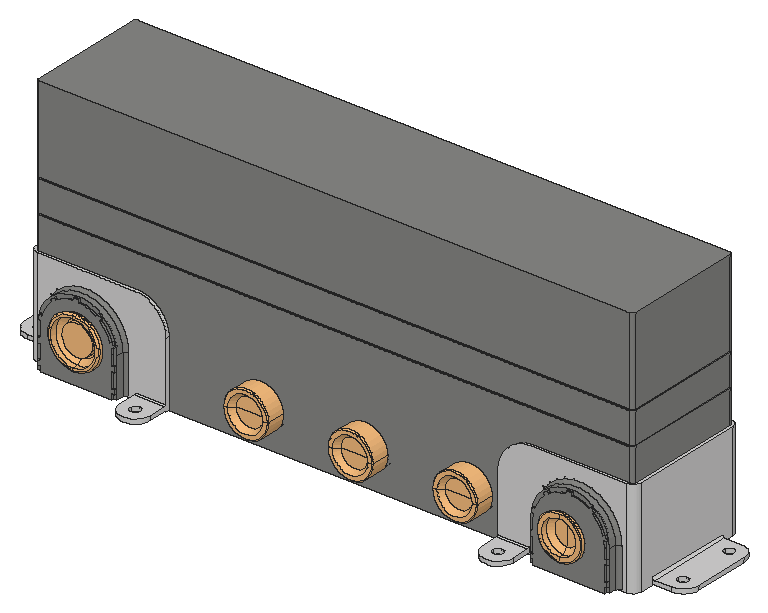
Revit family "Valve-Four_Outlet_Thermostatic-KOHLER-K-26342IN_1", category Plumbing Fixtures, host Face, Revit 2017
Family settings
  Host = Face
  Round Connector Dimension = Use Diameter
  Part Type = Normal
  OmniClass Number = 23.27.31.00
  OmniClass Title = Valves
  Cut with Voids When Loaded = No
  Shared = No
  Room Calculation Point = No
Parameters (values of type "NA-Not Applicable")
  Width = 16 33/64"  # constant formula
  WaterSense Certified = 1 = 0  # no
  Waste Connection = 1 = 0  # no
  Vent Connection = 1 = 0  # no
  Tempered Water Outlet 4 = "Tempered Water Outlet 4"  # constant formula
  Tempered Water Outlet 3 = "Tempered Water Outlet 3"  # constant formula
  Tempered Water Outlet 2 = "Tempered Water Outlet 2"  # constant formula
  Tempered Water Outlet 1 = "Tempered Water Outlet 1"  # constant formula
  URL = "https://www.kohler.co.in/"
  Type = 1
  Product Page URL = ""
  Product Name = ""
  Product Documentation Link = ""
  Pressure = 0.00 psi  # constant formula
  Model = "K-26342IN-NA"  # constant formula
  Material = "Plastic construction"  # constant formula
  Master Format 2014 Name = "Control Valves"  # constant formula
  Master Format 2014 = "23 09 13.33"  # constant formula
  Manufacturer Address = "Ambience Office Tower NH-8 Gurgaon / Gurugram Haryana , 122001"  # constant formula
  Manufacturer = "KOHLER Co."  # constant formula
  Length = 6 13/128"  # constant formula
  Hot Water Inlet = "Hot Water Inlet"  # constant formula
  Height = 4 113/128"  # constant formula
  HW Connection = 1 = 1  # yes
  Flow Rate = 1.75 GPM  # constant formula
  Finish = Kohler-Plastic-58-Thunder_Grey
  Environmental Product Declaration = ""
  Description = "REC PUSH-BUTTON TH VALVE- 4 OUTLET"  # constant formula
  Default Elevation = 42"
  Declare Label = ""
  Date Modified = "02/09/2021"  # constant formula
  Date Created = "02/09/2021"  # constant formula
  Copyright = "Copyright KOHLER Co."  # constant formula
  Contact Us = "https://www.kohler.co.in/contact-us"
  Tempered Water Outlet 4 UP [instance] = yes
  Tempered Water Outlet 4 Down [instance] = not(Tempered Water Outlet 4 UP)  # no
  Tempered Water Outlet 3 UP [instance] = yes
  Tempered Water Outlet 3 Down [instance] = not(Tempered Water Outlet 3 UP)  # no
  Tempered Water Outlet 2 UP [instance] = yes
  Tempered Water Outlet 2 Down [instance] = not(Tempered Water Outlet 2 UP)  # no
  Tempered Water Outlet 1 UP [instance] = yes
  Tempered Water Outlet 1 Down [instance] = not(Tempered Water Outlet 1 UP)  # no
  Cold Water Inlet = "Cold Water Inlet"  # constant formula
  CW Connection = 1 = 1  # yes
  Assembly Code = "D2020"
  ADA Compliant = 1 = 0  # no
Reference planes (in)
  plane 1 "Center (Front/Back)": y = 0
  plane 2: z = 0
  plane 3 "Center (Left/Right)": x = 0
  plane 4: y = 2.44056
  plane 5: y = -2.44225
  plane 6: x = -8.2579
  plane 7: x = 8.25773
  plane 8: y = 2.06786
  plane 9: x = -7.88396
  plane 10: x = 7.88396
  plane 11: y = 0.7088
  plane 12: y = -0.7088
  plane 13: y = -2.06786
  plane 14: x = -4.439
  plane 15: x = 4.439
  plane 16: y = 1.59449
  plane 17: y = -1.59449
  plane 18: x = -7.41144
  plane 19: x = 7.41144
  plane 20: x = -6.0332
  plane 21: x = -1.81655
  plane 22: x = 3.3062
  plane 23: x = 0.7424
  plane 24: y = 1.06299
  plane 25: y = -1.06299
  plane 26: y = 1.51575
  plane 27: y = -1.51575
  plane 28: x = -7.31302
  plane 29: x = 3.67991
  plane 30: x = 7.31302
  plane 31: x = 5.84649
  plane 32: z = -6.10156
  plane 33: z = -5.22155
  plane 34: z = -5.11726
Forms (in)
  Extrusion 1, void
    sketch origin (0, 0, 0) x (1, 0, 0) y (0, 1, 0)
      loop
        line (-7.41144, 1.59449) -> (-7.41144, -1.59449) -> (7.41144, -1.59449) -> (7.41144, 1.59449) -> (-7.41144, 1.59449)
    from -6.10156 to 0.42611
  Extrusion 2, void
    sketch origin (0, 0, 0) x (1, 0, 0) y (0, 1, 0)
      loop
        line (-8.2579, 2.44188) -> (-8.2579, -2.44056) -> (8.2579, -2.44056) -> (8.2579, 2.44188) -> (-8.2579, 2.44188)
    from -3.65797 to -6.10236
Dimensions and locks (in)
  "Width": plane 6 to plane 7
  plane 14 to plane 15 = 8.878"
  plane 9 to plane 10 = 15.76792"
  plane 12 to plane 11 = 1.4176"
  plane 18 to plane 19 = 14.82288"
  plane 16 to plane 17 = 3.18898"
  plane 28 to plane 30 = 14.62603"
  plane 30 to plane 28 = 14.62603"
  plane 34 to plane 32 = 0.98431"
  plane 33 to plane 32 = 0.88001"
  "Length": level to plane 32
  "Height": plane 4 to plane 5
  aligned and locked: plane 2 to host face
  aligned and locked: level to host face
Automatic sketch dimensions
  host sketch curve to host sketch curve = 96"  (x2)
  Extrusion 1 sketch curve to plane 18 = 0"
  plane 17 to Extrusion 1 sketch curve = 0"
  Extrusion 1 sketch curve to plane 16 = 0"
  Extrusion 1 sketch curve to plane 19 = 0"
  Extrusion 2 sketch curve to plane 5 = 0.00169"
  plane 4 to Extrusion 2 sketch curve = 0.00132"
  Extrusion 2 sketch curve to plane 6 = 0"
  plane 7 to Extrusion 2 sketch curve = 0.00017"
Nested families (in)
  nested 1: "K-26342IN" at (0, 0, -6.10236), type "K-26342IN"
Connectors (in)
  piping at (-1.81655, 1.9404, -5.22241), diameter 0.5, driven by "Tempered Water Outlet 1", driven by "Flow Rate", driven by "HW Connection"
    settings: on nested 1, index 1, connector inside diameter 24", connector length 0", flow factor 0, pipe flow 1.75 GPM, pressure drop 0.00 psi, fitting loss kfactor 0, connector angle 0.00°, fixture units 0, engagement length 0", angle of deflection 0.00°, flow configuration 1, flow direction 2, fitting loss method 0, system type 19, joint type 0, gender type 0, connector reference index -1, connector utility 1, adjustable connector no, is connector primary yes, connector description "Tempered Water Outlet 1"
  piping at (0.7424, 1.9404, -5.22241), diameter 0.5, driven by "Flow Rate", driven by "HW Connection", driven by "Tempered Water Outlet 2"
    settings: on nested 1, index 2, connector inside diameter 24", connector length 0", flow factor 0, pipe flow 1.75 GPM, pressure drop 0.00 psi, fitting loss kfactor 0, connector angle 0.00°, fixture units 0, engagement length 0", angle of deflection 0.00°, flow configuration 1, flow direction 2, fitting loss method 0, system type 19, joint type 0, gender type 0, connector reference index -1, connector utility 1, adjustable connector no, is connector primary no, connector description "Tempered Water Outlet 2"
  piping at (3.3062, 1.94039, -5.22241), diameter 0.5, driven by "Flow Rate", driven by "HW Connection", driven by "Tempered Water Outlet 3"
    settings: on nested 1, index 3, connector inside diameter 24", connector length 0", flow factor 0, pipe flow 1.75 GPM, pressure drop 0.00 psi, fitting loss kfactor 0, connector angle 0.00°, fixture units 0, engagement length 0", angle of deflection 0.00°, flow configuration 1, flow direction 2, fitting loss method 0, system type 19, joint type 0, gender type 0, connector reference index -1, connector utility 1, adjustable connector no, is connector primary no, connector description "Tempered Water Outlet 3"
  piping at (5.84649, 1.85039, -5.22241), diameter 0.5, driven by "Flow Rate", driven by "HW Connection", driven by "Tempered Water Outlet 4"
    settings: on nested 1, index 4, connector inside diameter 24", connector length 0", flow factor 0, pipe flow 1.75 GPM, pressure drop 0.00 psi, fitting loss kfactor 0, connector angle 0.00°, fixture units 0, engagement length 0", angle of deflection 0.00°, flow configuration 1, flow direction 2, fitting loss method 0, system type 19, joint type 0, gender type 0, connector reference index -1, connector utility 1, adjustable connector no, is connector primary no, connector description "Tempered Water Outlet 4"
  piping at (-6.0332, -1.85039, -5.11811), diameter 0.75, driven by "Flow Rate", driven by "HW Connection", driven by "Hot Water Inlet"
    settings: on nested 1, index 5, connector inside diameter 24", connector length 0", flow factor 0, pipe flow 1.75 GPM, pressure drop 0.00 psi, fitting loss kfactor 0, connector angle 0.00°, fixture units 0, engagement length 0", angle of deflection 0.00°, flow configuration 1, flow direction 1, fitting loss method 0, system type 19, joint type 0, gender type 0, connector reference index -1, connector utility 1, adjustable connector no, is connector primary no, connector description "Hot Water Inlet"
  piping at (-6.0332, 1.85039, -5.11811), diameter 0.75, driven by "Flow Rate", driven by "CW Connection", driven by "Cold Water Inlet"
    settings: on nested 1, index 6, connector inside diameter 24", connector length 0", flow factor 0, pipe flow 1.75 GPM, pressure drop 0.00 psi, fitting loss kfactor 0, connector angle 0.00°, fixture units 0, engagement length 0", angle of deflection 0.00°, flow configuration 0, flow direction 1, fitting loss method 0, system type 20, joint type 0, gender type 0, connector reference index -1, connector utility 1, adjustable connector no, is connector primary no, connector description "Cold Water Inlet"
Definition of nested family "K-26342IN"
  Parameters (values of type "K-26342IN")
    Material = none
    Connector 4 UP = yes
    Connector 4 Down = not(Connector 4 UP)  # no
    Connector 4 Dis = if(Connector 4 UP, 3 1/32", 0")  # 3 1/32"
    Connector 4 Angle = if(Connector 4 UP, 0.00°, 180.00°)  # 0.00°
    Connector 3 UP = yes
    Connector 3 Down = not(Connector 3 UP)  # no
    Connector 3 Dis = if(Connector 3 UP, 3 1/32", 0")  # 3 1/32"
    Connector 3 Angle = if(Connector 3 UP, 180.00°, 0.00°)  # 180.00°
    Connector 2 UP = yes
    Connector 2 Down = not(Connector 2 UP)  # no
    Connector 2 Dis = if(Connector 2 UP, 3 1/32", 0")  # 3 1/32"
    Connector 2 Angle = if(Connector 2 UP, 0.00°, 180.00°)  # 0.00°
    Connector 1 UP = yes
    Connector 1 Down = not(Connector 1 UP)  # no
    Connector 1 Dis = if(Connector 1 UP, 3 1/32", 0")  # 3 1/32"
    Connector 1 Angle = if(Connector 1 UP, 180.00°, 0.00°)  # 180.00°
  Reference planes (in)
    plane 1 "Center (Front/Back)": y = 0
    plane 2: z = 0
    plane 3 "Center (Left/Right)": x = 0
    plane 4: y = 2.44056
    plane 5: y = 1.51575
    plane 6: y = -2.44056
    plane 7: y = -1.51575
    plane 8: y = 1.59449
    plane 9: y = -1.59449
    plane 10: x = -8.2579
    plane 11: x = -7.41144
    plane 12: x = -7.31302
    plane 13: x = -7.0079
    plane 14: x = -6.96853
    plane 15: x = -5.05851
    plane 16: x = -5.09788
    plane 17: x = -4.81302
    plane 18: x = -4.06498
    plane 19: x = -2.37242
    plane 20: x = -1.26962
    plane 21: x = 0.18692
    plane 22: x = 1.28972
    plane 23: x = 2.74605
    plane 24: x = 3.84885
    plane 25: x = 4.06498
    plane 26: x = 4.81302
    plane 27: x = 5.05851
    plane 28: x = 5.09788
    plane 29: x = 5.30429
    plane 30: x = 6.40685
    plane 31: x = 6.96853
    plane 32: x = 7.0079
    plane 33: x = 8.2579
    plane 34: x = 7.41144
    plane 35: x = 7.31302
    plane 36: z = 6.10236
    plane 37: z = 5.70866
    plane 38: z = 2.38189
    plane 39: z = 0.11829
    plane 40: x = -7.06464
    plane 41: x = -7.21499
    plane 42: x = -4.99619
    plane 43: x = -4.93113
    plane 44: x = 4.96061
    plane 45: x = 7.10628
    plane 46: x = 7.21499
    plane 47: x = -1.81655
    plane 48: x = 5.84649
    plane 49: x = 3.3062
    plane 50: x = 0.7424
    plane 51: x = -6.0332
    plane 52: y = 1.43715
    plane 53: y = 1.39764
    plane 54: y = -1.43715
    plane 55: y = -1.39764
    plane 56: y = -0.04594
    plane 57: y = 1.06299
    plane 58: y = -1.06299
    plane 59: y = 0.7088
    plane 60: y = -0.70874
    plane 61: y = 2.06786
    plane 62: x = -4.439
    plane 63: x = -7.88396
    plane 64: x = 7.88396
    plane 65: y = -2.06786
    plane 66: x = 4.439
    plane 67: z = 0.21715
    plane 68 "B": y = 1.5155
    plane 69 "C": y = 1.5155
    plane 70 "D": y = 1.5155
    plane 71 "E": y = 1.5155
    plane 72: z = 0.87995
    plane 73: z = 0.98425
    plane 74: y = 1.98819
    plane 75: y = -1.98819
  Forms (in)
    Extrusion 1, solid, material <- "Material", detail levels medium+fine
      sketch origin (0, 0, 0) x (1, 0, 0) y (0, 1, 0)
        loop
          line (7.23528, 1.51575) -> (-7.23442, 1.51575)
          arc (-7.23442, 1.51575) -> (-7.29, 1.49273) -> (-7.31302, 1.43715) r 0.0786
          line (-7.31302, 1.43715) -> (-7.31302, -1.43749)
          arc (-7.31302, -1.43749) -> (-7.29009, -1.49283) -> (-7.23476, -1.51575) r 0.07826
          line (-7.23476, -1.51575) -> (7.23455, -1.51575)
          arc (7.23455, -1.51575) -> (7.29, -1.49278) -> (7.31297, -1.43733) r 0.07842
          line (7.31297, -1.43733) -> (7.31297, 1.43806)
          arc (7.31297, 1.43806) -> (7.29022, 1.49299) -> (7.23528, 1.51575) r 0.07769
      from 0 to 6.10236
    Extrusion 2, solid, detail levels medium+fine
      sketch origin (0, 0, 0) x (1, 0, 0) y (0, 1, 0)
        loop
          line (-3.3914, 1.59449) -> (-7.21405, 1.59449)
          arc (-7.21405, 1.59449) -> (-7.35363, 1.53667) -> (-7.41144, 1.3971) r 0.19739
          line (-7.41144, 1.3971) -> (-7.41144, -1.39804)
          arc (-7.41144, -1.39804) -> (-7.3539, -1.53695) -> (-7.21499, -1.59449) r 0.19645
          line (-7.21499, -1.59449) -> (-3.3914, -1.59449) -> (-3.3914, 1.59449)
        loop
          line (3.827, 1.59449) -> (3.827, -1.59449) -> (7.21499, -1.59449)
          arc (7.21499, -1.59449) -> (7.3539, -1.53695) -> (7.41144, -1.39804) r 0.19645
          line (7.41144, -1.39804) -> (7.41144, 1.3971)
          arc (7.41144, 1.3971) -> (7.35363, 1.53667) -> (7.21405, 1.59449) r 0.19739
          line (7.21405, 1.59449) -> (3.827, 1.59449)
      from 0 to 3.16929
    Extrusion 3, void
      sketch origin (0, 0, 0) x (1, 0, 0) y (0, 0, 1)
        loop
          arc (-4.8502, 2.38189) -> (-4.29497, 2.15191) -> (-4.06498, 1.59667) r 0.78522
          line (-4.06498, 1.59667) -> (-4.06498, -0.30561) -> (-3.06498, -0.30561) -> (-3.06498, 3.38189) -> (-7.81498, 3.38189) -> (-7.81498, 2.38189) -> (-4.8502, 2.38189)
        loop
          line (7.8518, 2.38189) -> (7.8518, 3.38189) -> (3.2893, 3.38189) -> (3.2893, -0.71748) -> (4.06494, -0.71748) -> (4.06494, 1.59502)
          arc (4.06494, 1.59502) -> (4.29541, 2.15142) -> (4.8518, 2.38189) r 0.78687
          line (4.8518, 2.38189) -> (7.8518, 2.38189)
      from -2.82494 to 2.86769
    Extrusion 4, solid, detail levels medium+fine
      sketch origin (0, 0, -0.00391) x (1, 0, 0) y (0, 1, 0)
        loop
          line (-7.41144, 1.06299) -> (-7.8832, 1.06299)
          arc (-7.8832, 1.06299) -> (-8.14815, 0.95325) -> (-8.2579, 0.68829) r 0.3747
          line (-8.2579, 0.68829) -> (-8.2579, -0.68823)
          arc (-8.2579, -0.68823) -> (-8.14813, -0.95323) -> (-7.88314, -1.06299) r 0.37476
          line (-7.88314, -1.06299) -> (-7.41144, -1.06299) -> (-7.41144, 1.06299)
        loop
          arc (-4.81302, -2.06655) -> (-4.439, -2.44056) -> (-4.06498, -2.06655) r 0.37402
          line (-4.06498, -2.06655) -> (-4.06498, -1.59449) -> (-4.81302, -1.59449) -> (-4.81302, -2.06655)
        loop
          line (-4.06498, 1.59449) -> (-4.06498, 2.06786)
          arc (-4.06498, 2.06786) -> (-4.439, 2.44188) -> (-4.81302, 2.06786) r 0.37402
          line (-4.81302, 2.06786) -> (-4.81302, 1.59449) -> (-4.06498, 1.59449)
        loop
          circle (-7.88396, 0.7088) r 0.12529
        loop
          circle (-7.88396, -0.7088) r 0.12529
        loop
          circle (-4.439, 2.06786) r 0.12354
        loop
          circle (-4.439, -2.06655) r 0.12509
        loop
          line (7.41144, 1.06299) -> (7.41144, -1.06299) -> (7.88314, -1.06299)
          arc (7.88314, -1.06299) -> (8.14813, -0.95323) -> (8.2579, -0.68823) r 0.37476
          line (8.2579, -0.68823) -> (8.2579, 0.68829)
          arc (8.2579, 0.68829) -> (8.14815, 0.95325) -> (7.8832, 1.06299) r 0.3747
          line (7.8832, 1.06299) -> (7.41144, 1.06299)
        loop
          line (4.81302, -2.06655) -> (4.81302, -1.59449) -> (4.06498, -1.59449) -> (4.06498, -2.06655)
          arc (4.06498, -2.06655) -> (4.439, -2.44056) -> (4.81302, -2.06655) r 0.37402
        loop
          line (4.06498, 1.59449) -> (4.81302, 1.59449) -> (4.81302, 2.06786)
          arc (4.81302, 2.06786) -> (4.439, 2.44188) -> (4.06498, 2.06786) r 0.37402
          line (4.06498, 2.06786) -> (4.06498, 1.59449)
        loop
          circle (7.88396, 0.7088) r 0.12529
        loop
          circle (7.88396, -0.7088) r 0.12529
        loop
          circle (4.439, 2.06786) r 0.12354
        loop
          circle (4.439, -2.06655) r 0.12509
      from 0.02344 to 0.12219
    Sweep 5, solid, material <- "Material", detail levels medium+fine
      path origin (0, 0, 0) x (1, 0, 0) y (0, 0, 1)
        loop
          line (-5.05908, 0.01969) -> (-5.05908, 0.98445)
          arc (-5.05908, 0.98445) -> (-6.03349, 1.95886) -> (-7.0079, 0.98445) r 0.97441
          line (-7.0079, 0.98445) -> (-7.0079, 0.01969)
      profile origin (-7.0079, 0, 0.50207) x (0, -1, 0) y (1, 0, 0)
        loop
          line (1.85039, 0) -> (1.85039, 0.31023) -> (1.58863, 0.31023) -> (1.58863, -0.07652)
          arc (1.58863, -0.07652) -> (1.62824, -0.02118) -> (1.69291, 0) r 0.10932
          line (1.69291, 0) -> (1.85039, 0)
        loop
          line (-1.85039, 0) -> (-1.69291, 0)
          arc (-1.69291, 0) -> (-1.62824, -0.02118) -> (-1.58863, -0.07652) r 0.10932
          line (-1.58863, -0.07652) -> (-1.58863, 0.31023) -> (-1.85039, 0.31023) -> (-1.85039, 0)
    Sweep 6, solid, material <- "Material", detail levels medium+fine
      path origin (0, 0, 0) x (-1, 0, 0) y (0, 0, 1)
        loop
          line (-5.05908, 0.01969) -> (-5.05908, 0.98445)
          arc (-5.05908, 0.98445) -> (-6.03349, 1.95886) -> (-7.0079, 0.98445) r 0.97441
          line (-7.0079, 0.98445) -> (-7.0079, 0.01969)
      profile origin (7.0079, 0, 0.50207) x (0, -1, 0) y (1, 0, 0)
        loop
          line (1.85039, 0) -> (1.69291, 0)
          arc (1.69291, 0) -> (1.62042, 0.02929) -> (1.58863, 0.10072) r 0.10435
          line (1.58863, 0.10072) -> (1.58863, -0.31023) -> (1.85039, -0.31023) -> (1.85039, 0)
        loop
          line (-1.85039, 0) -> (-1.85039, -0.31023) -> (-1.58863, -0.31023) -> (-1.58863, 0.10072)
          arc (-1.58863, 0.10072) -> (-1.62042, 0.02929) -> (-1.69291, 0) r 0.10435
          line (-1.69291, 0) -> (-1.85039, 0)
    Extrusion 7, solid, material <- "Material", detail levels medium+fine
      sketch origin (0, 0, 0) x (1, 0, 0) y (0, 0, 1)
        loop
          line (-6.90947, 0.1378) -> (-6.90947, 0) -> (-5.1575, 0) -> (-5.1575, 0.1378) -> (-5.09845, 0.1378) -> (-5.09845, 0.25591) -> (-5.1575, 0.25591) -> (-5.1575, 0.62992) -> (-5.09845, 0.62992) -> (-5.09845, 0.74803) -> (-5.1575, 0.74803) -> (-5.1575, 0.98425)
          arc (-5.1575, 0.98425) -> (-5.16093, 1.06162) -> (-5.17117, 1.13839) r 0.87598
          line (-5.17117, 1.13839) -> (-5.1138, 1.15269)
          arc (-5.1138, 1.15269) -> (-5.12627, 1.21045) -> (-5.14235, 1.2673) r 0.93495
          line (-5.14235, 1.2673) -> (-5.19974, 1.25299)
          arc (-5.19974, 1.25299) -> (-5.29883, 1.46135) -> (-5.44887, 1.63661) r 0.87598
          line (-5.44887, 1.63661) -> (-5.4124, 1.68329)
          arc (-5.4124, 1.68329) -> (-5.45778, 1.72112) -> (-5.50546, 1.75602) r 0.93495
          line (-5.50546, 1.75602) -> (-5.54194, 1.70932)
          arc (-5.54194, 1.70932) -> (-5.7483, 1.81251) -> (-5.97443, 1.85824) r 0.87598
          line (-5.97443, 1.85824) -> (-5.97443, 1.91753)
          arc (-5.97443, 1.91753) -> (-6.03349, 1.9194) -> (-6.09254, 1.91753) r 0.93495
          line (-6.09254, 1.91753) -> (-6.09254, 1.85824)
          arc (-6.09254, 1.85824) -> (-6.31868, 1.81251) -> (-6.52503, 1.70932) r 0.87598
          line (-6.52503, 1.70932) -> (-6.56151, 1.75602)
          arc (-6.56151, 1.75602) -> (-6.60919, 1.72112) -> (-6.65458, 1.68329) r 0.93495
          line (-6.65458, 1.68329) -> (-6.61811, 1.63661)
          arc (-6.61811, 1.63661) -> (-6.76815, 1.46135) -> (-6.86723, 1.25299) r 0.87598
          line (-6.86723, 1.25299) -> (-6.92462, 1.2673)
          arc (-6.92462, 1.2673) -> (-6.94071, 1.21045) -> (-6.95317, 1.15269) r 0.93495
          line (-6.95317, 1.15269) -> (-6.8958, 1.13839)
          arc (-6.8958, 1.13839) -> (-6.90605, 1.06162) -> (-6.90947, 0.98425) r 0.87598
          line (-6.90947, 0.98425) -> (-6.90947, 0.74803) -> (-6.96853, 0.74803) -> (-6.96853, 0.62992) -> (-6.90947, 0.62992) -> (-6.90947, 0.25591) -> (-6.96853, 0.25591) -> (-6.96853, 0.1378) -> (-6.90947, 0.1378)
        loop
          line (6.90926, 0.1378) -> (6.96832, 0.1378) -> (6.96832, 0.25591) -> (6.90926, 0.25591) -> (6.90926, 0.62992) -> (6.96832, 0.62992) -> (6.96832, 0.74803) -> (6.90926, 0.74803) -> (6.90926, 0.98425)
          arc (6.90926, 0.98425) -> (6.90584, 1.06162) -> (6.8956, 1.13839) r 0.87598
          line (6.8956, 1.13839) -> (6.95296, 1.15269)
          arc (6.95296, 1.15269) -> (6.9405, 1.21045) -> (6.92441, 1.2673) r 0.93495
          line (6.92441, 1.2673) -> (6.86702, 1.25299)
          arc (6.86702, 1.25299) -> (6.76794, 1.46135) -> (6.6179, 1.63661) r 0.87598
          line (6.6179, 1.63661) -> (6.65437, 1.68329)
          arc (6.65437, 1.68329) -> (6.60899, 1.72112) -> (6.5613, 1.75602) r 0.93495
          line (6.5613, 1.75602) -> (6.52483, 1.70932)
          arc (6.52483, 1.70932) -> (6.31847, 1.81251) -> (6.09233, 1.85824) r 0.87598
          line (6.09233, 1.85824) -> (6.09233, 1.91753)
          arc (6.09233, 1.91753) -> (6.03328, 1.9194) -> (5.97422, 1.91753) r 0.93495
          line (5.97422, 1.91753) -> (5.97422, 1.85824)
          arc (5.97422, 1.85824) -> (5.74809, 1.81251) -> (5.54173, 1.70932) r 0.87598
          line (5.54173, 1.70932) -> (5.50525, 1.75602)
          arc (5.50525, 1.75602) -> (5.45757, 1.72112) -> (5.41219, 1.68329) r 0.93495
          line (5.41219, 1.68329) -> (5.44866, 1.63661)
          arc (5.44866, 1.63661) -> (5.29862, 1.46135) -> (5.19954, 1.25299) r 0.87598
          line (5.19954, 1.25299) -> (5.14214, 1.2673)
          arc (5.14214, 1.2673) -> (5.12606, 1.21045) -> (5.11359, 1.15269) r 0.93495
          line (5.11359, 1.15269) -> (5.17096, 1.13839)
          arc (5.17096, 1.13839) -> (5.16072, 1.06162) -> (5.15729, 0.98425) r 0.87598
          line (5.15729, 0.98425) -> (5.15729, 0.74803) -> (5.09824, 0.74803) -> (5.09824, 0.62992) -> (5.15729, 0.62992) -> (5.15729, 0.25591) -> (5.09824, 0.25591) -> (5.09824, 0.1378) -> (5.15729, 0.1378) -> (5.15729, 0) -> (6.90926, 0) -> (6.90926, 0.1378)
      from -1.92913 to 1.8897
    Revolve 8, solid, detail levels medium+fine
      sketch origin (-6.0332, 0, 0) x (0, 1, 0) y (0, 0, 1)
        loop
          line (-1.98819, 1.58465) -> (-1.98819, 1.52773) -> (-1.85039, 1.52773) -> (-1.72942, 1.40675) -> (-1.72942, 0.98425) -> (1.72942, 0.98425) -> (1.72942, 1.40675) -> (1.85039, 1.52773) -> (1.98819, 1.52773) -> (1.98819, 1.58465) -> (1.94895, 1.62388) -> (-1.94895, 1.62388) -> (-1.98819, 1.58465)
        axis (1.98819, 0.98425) -> (-1.98819, 0.98425)
      angle from 0 to 360
    Revolve 9, solid, detail levels medium+fine
      sketch origin (5.85547, 0, 0) x (0, 1, 0) y (0, 0, 1)
        loop
          line (-1.9685, 1.30575) -> (-1.84716, 1.30575) -> (-1.72942, 1.188) -> (-1.72942, 0.88583) -> (1.72942, 0.88583) -> (1.72942, 1.188) -> (1.84716, 1.30575) -> (1.9685, 1.30575) -> (1.9685, 1.4127) -> (1.94882, 1.43701) -> (-1.94882, 1.43701) -> (-1.9685, 1.4127) -> (-1.9685, 1.30575)
        axis (-1.9685, 0.88583) -> (1.9685, 0.88583)
      angle from 0 to 360
    Revolve 10, solid, detail levels medium+fine
      sketch origin (0, 0, 0.88574) x (1, 0, 0) y (0, 1, 0)
        loop
          line (2.86415, -1.9685) -> (2.95569, -1.83778) -> (3.29722, -1.83778) -> (3.29722, 1.83778) -> (2.95569, 1.83778) -> (2.86415, 1.9685) -> (2.76572, 1.9685) -> (2.74604, 1.94039) -> (2.74604, -1.94039) -> (2.76572, -1.9685) -> (2.86415, -1.9685)
        axis (3.29722, -1.9685) -> (3.29722, 1.9685)
      angle from 0 to 360
    Revolve 11, solid, detail levels medium+fine
      sketch origin (4.03612, 0, 0.88574) x (-1, 0, 0) y (0, -1, 0)
        loop
          line (3.73029, 1.9685) -> (3.63876, 1.83777) -> (3.29722, 1.83777) -> (3.29722, -1.83778) -> (3.63876, -1.83778) -> (3.73029, -1.96851) -> (3.82872, -1.96851) -> (3.8484, -1.9404) -> (3.8484, 1.94039) -> (3.82872, 1.9685) -> (3.73029, 1.9685)
        axis (3.29722, 1.9685) -> (3.29722, -1.96851)
      angle from 0 to 360
    Revolve 12, solid, detail levels medium+fine
      sketch origin (-5.11824, 0, 0.88574) x (1, 0, 0) y (0, 1, 0)
        loop
          line (2.86415, -1.9685) -> (2.95569, -1.83778) -> (3.29722, -1.83778) -> (3.29722, 1.83778) -> (2.95569, 1.83778) -> (2.86415, 1.9685) -> (2.76572, 1.9685) -> (2.74604, 1.94039) -> (2.74604, -1.94039) -> (2.76572, -1.9685) -> (2.86415, -1.9685)
        axis (3.29722, -1.9685) -> (3.29722, 1.9685)
      angle from 0 to 360
    Sweep 13, void
      path origin (0, 0, 0) x (1, 0, 0) y (0, 1, 0)
        loop
          line (-7.31302, 1.43715) -> (-7.31302, -1.43749)
          arc (-7.31302, -1.43749) -> (-7.29009, -1.49283) -> (-7.23476, -1.51575) r 0.07826
          line (-7.23476, -1.51575) -> (7.23455, -1.51575)
          arc (7.23455, -1.51575) -> (7.29, -1.49278) -> (7.31297, -1.43733) r 0.07842
          line (7.31297, -1.43733) -> (7.31297, 1.43806)
          arc (7.31297, 1.43806) -> (7.29022, 1.49299) -> (7.23528, 1.51575) r 0.07769
          line (7.23528, 1.51575) -> (-7.23442, 1.51575)
          arc (-7.23442, 1.51575) -> (-7.29, 1.49273) -> (-7.31302, 1.43715) r 0.0786
      profile origin (-7.31302, -0.00017, 0) x (1, 0, 0) y (0, 0, 1)
        loop
          line (0.01969, 3.20866) -> (-0.03333, 3.20866) -> (-0.03333, 3.16929) -> (0.01969, 3.16929) -> (0.01969, 3.20866)
        loop
          line (0.01969, 3.99606) -> (-0.03033, 3.99606) -> (-0.03033, 3.95669) -> (0.01969, 3.95669) -> (0.01969, 3.99606)
    Extrusion 14, void
      sketch origin (0, 0, 0) x (1, 0, 0) y (0, 0, 1)
        loop
          circle (-6.0332, 0.98425) r 0.60039
      from 1.43701 to 2.06237
    Extrusion 15, void
      sketch origin (0, 0, 0) x (1, 0, 0) y (0, 0, 1)
        loop
          circle (5.85547, 0.88583) r 0.44719
      from 1.06299 to 2.19501
    Extrusion 16, void
      sketch origin (0, 0, 0) x (1, 0, 0) y (0, 0, -1)
        loop
          circle (-6.0332, -0.98425) r 0.60039
      from 1.43701 to 2.06237
    Extrusion 17, void
      sketch origin (0, 0, 0) x (1, 0, 0) y (0, 0, -1)
        loop
          circle (5.85547, -0.88583) r 0.5
      from 1.06299 to 2.19501
    Extrusion 18, solid, detail levels medium+fine
      sketch origin (0, 0, 0) x (1, 0, 0) y (0, 0, 1)
        loop
          line (-7.50289, 0.11079) -> (-7.40402, 0.11079) -> (-7.40402, 0.20277)
          arc (-7.40402, 0.20277) -> (-7.43537, 0.13734) -> (-7.50289, 0.11079) r 0.09913
      from -1.06299 to 1.06299
    Extrusion 19, solid, detail levels medium+fine
      sketch origin (0, 0, 0) x (-1, 0, 0) y (0, 0, -1)
        loop
          arc (-7.50289, -0.11079) -> (-7.43537, -0.13734) -> (-7.40402, -0.20277) r 0.09913
          line (-7.40402, -0.20277) -> (-7.40402, -0.11079) -> (-7.50289, -0.11079)
      from -1.06299 to 1.06299
    Extrusion 20, solid, detail levels medium+fine
      sketch origin (0, -0.10547, -0.00391) x (0, 1, 0) y (0, 0, 1)
        loop
          arc (1.75993, 0.11488) -> (1.70932, 0.14101) -> (1.68901, 0.19422) r 0.07984
          line (1.68901, 0.19422) -> (1.68901, 0.11488) -> (1.75993, 0.11488)
      from 4.06494 to 4.81302
    Extrusion 21, solid, detail levels medium+fine
      sketch origin (0, -0.10547, -0.00391) x (0, 1, 0) y (0, 0, -1)
        loop
          line (1.75993, -0.11488) -> (1.68901, -0.11488) -> (1.68901, -0.19422)
          arc (1.68901, -0.19422) -> (1.70932, -0.14101) -> (1.75993, -0.11488) r 0.07984
      from 4.06494 to 4.81302
    Extrusion 22, solid, detail levels medium+fine
      sketch origin (0, 0.10547, -0.00391) x (0, -1, 0) y (0, 0, -1)
        loop
          line (1.75993, -0.11488) -> (1.68901, -0.11488) -> (1.68901, -0.19422)
          arc (1.68901, -0.19422) -> (1.70932, -0.14101) -> (1.75993, -0.11488) r 0.07984
      from 4.06494 to 4.81302
    Extrusion 23, solid, detail levels medium+fine
      sketch origin (0, 0.10547, -0.00391) x (0, -1, 0) y (0, 0, 1)
        loop
          arc (1.75993, 0.11488) -> (1.70932, 0.14101) -> (1.68901, 0.19422) r 0.07984
          line (1.68901, 0.19422) -> (1.68901, 0.11488) -> (1.75993, 0.11488)
      from 4.06494 to 4.81302
    Extrusion 24, solid, detail levels medium+fine
      sketch origin (0, 0, 0) x (1, 0, 0) y (0, 0, 1)
        loop
          circle (-6.0332, 0.98425) r 0.375
      from -1.85039 to 1.85039
    Extrusion 25, solid, material <- "Material", detail levels coarse
      sketch origin (0, 0, 0) x (1, 0, 0) y (0, 0, 1)
        loop
          line (7.34422, 6.22736) -> (-7.37552, 6.22736) -> (-7.37552, 0) -> (7.34422, 0) -> (7.34422, 6.22736)
      from -1.53543 to 1.53543
    Extrusion 26, solid, detail levels coarse
      sketch origin (0, 0, 0) x (1, 0, 0) y (0, 0, 1)
        loop
          line (-7.53644, 2.44439) -> (-7.53644, 0) -> (-4.06498, 0) -> (-4.06498, 2.44439) -> (-7.53644, 2.44439)
      from -1.59449 to 1.59449
    Extrusion 27, solid, detail levels coarse
      sketch origin (0, 0, 0) x (-1, 0, 0) y (0, 0, -1)
        loop
          line (-7.53644, -2.44439) -> (-4.06498, -2.44439) -> (-4.06498, 0) -> (-7.53644, 0) -> (-7.53644, -2.44439)
      from -1.59449 to 1.59449
    Extrusion 28, solid, detail levels coarse
      sketch origin (0, 0, 0) x (1, 0, 0) y (0, 0, 1)
        loop
          line (-7.08442, 0) -> (-4.98256, 0) -> (-4.98256, 0.98862)
          arc (-4.98256, 0.98862) -> (-6.03349, 2.03955) -> (-7.08442, 0.98862) r 1.05093
          line (-7.08442, 0.98862) -> (-7.08442, 0)
      from -1.92913 to 1.8897
    Extrusion 29, solid, detail levels coarse
      sketch origin (0, 0, 0) x (-1, 0, 0) y (0, 0, -1)
        loop
          line (-7.08442, 0) -> (-7.08442, -0.98862)
          arc (-7.08442, -0.98862) -> (-6.03349, -2.03955) -> (-4.98256, -0.98862) r 1.05093
          line (-4.98256, -0.98862) -> (-4.98256, 0) -> (-7.08442, 0)
      from -1.92913 to 1.8897
    Extrusion 30, solid, detail levels coarse
      sketch origin (0, 0, 0) x (1, 0, 0) y (0, 0, 1)
        loop
          circle (-6.0332, 0.98425) r 0.69038
      from -1.98819 to 1.98819
    Extrusion 31, solid, detail levels coarse
      sketch origin (12.69224, 0, -0.09375) x (1, 0, 0) y (0, 0, 1)
        loop
          circle (-14.51192, 0.97949) r 0.58377
        loop
          circle (-11.952, 0.97949) r 0.58377
        loop
          circle (-9.39368, 0.97949) r 0.58377
      from -1.98819 to 1.98819
    Extrusion 32, solid, detail levels coarse
      sketch origin (11.89365, 0, -0.09375) x (1, 0, 0) y (0, 0, 1)
        loop
          circle (-6.03818, 0.97958) r 0.56629
      from -1.98819 to 1.98819
    Extrusion 33, solid, detail levels coarse
      sketch origin (0, 0, 0) x (1, 0, 0) y (0, 1, 0)
        loop
          line (-8.2579, -1.06299) -> (-7.41144, -1.06299) -> (-7.41144, -1.59449) -> (-4.81302, -1.59449) -> (-4.81302, -2.06655)
          arc (-4.81302, -2.06655) -> (-4.439, -2.44056) -> (-4.06498, -2.06655) r 0.37402
          line (-4.06498, -2.06655) -> (-4.06498, 2.06786)
          arc (-4.06498, 2.06786) -> (-4.439, 2.44188) -> (-4.81302, 2.06786) r 0.37402
          line (-4.81302, 2.06786) -> (-4.81302, 1.59449) -> (-7.41144, 1.59449) -> (-7.41144, 1.06299) -> (-8.2579, 1.06299) -> (-8.2579, -1.06299)
        loop
          line (8.2579, -1.06299) -> (8.2579, 1.06299) -> (7.41144, 1.06299) -> (7.41144, 1.59449) -> (4.81302, 1.59449) -> (4.81302, 2.06786)
          arc (4.81302, 2.06786) -> (4.439, 2.44188) -> (4.06498, 2.06786) r 0.37402
          line (4.06498, 2.06786) -> (4.06498, -2.06655)
          arc (4.06498, -2.06655) -> (4.439, -2.44056) -> (4.81302, -2.06655) r 0.37402
          line (4.81302, -2.06655) -> (4.81302, -1.59449) -> (7.41144, -1.59449) -> (7.41144, -1.06299) -> (8.2579, -1.06299)
        loop
          circle (-4.439, -2.06655) r 0.12509
        loop
          circle (-7.88396, -0.7088) r 0.12529
        loop
          circle (-7.88396, 0.7088) r 0.12529
        loop
          circle (-4.439, 2.06786) r 0.12354
        loop
          circle (4.439, 2.06786) r 0.12354
        loop
          circle (4.439, -2.06655) r 0.12509
        loop
          circle (7.88396, -0.7088) r 0.12529
        loop
          circle (7.88396, 0.7088) r 0.12529
      from 0 to 0.23414
    Revolve 34, solid, detail levels medium+fine
      sketch origin (5.84649, 1.5155, 0.87995) x (0, 1, 0) y (-1, 0, 0)
        loop
          line (0.00004, 0) -> (0.00004, -0.25) -> (0.33489, -0.25) -> (0.33489, 0) -> (0.00004, 0)
        axis (0.00004, 0) -> (0.33489, 0)
      angle from 0 to 360
    Revolve 35, solid, detail levels medium+fine
      sketch origin (3.3062, 1.5155, 0.87995) x (0, 1, 0) y (-1, 0, 0)
        loop
          line (0.00113, 0) -> (0.00113, -0.25) -> (0.42489, -0.25) -> (0.42489, 0) -> (0.00113, 0)
        axis (0.00113, 0) -> (0.42489, 0)
      angle from 0 to 360
    Revolve 36, solid, detail levels medium+fine
      sketch origin (0.7424, 1.5155, 0.87995) x (0, 1, 0) y (-1, 0, 0)
        loop
          line (0.0011, 0) -> (0.0011, -0.25) -> (0.4249, -0.25) -> (0.4249, 0) -> (0.0011, 0)
        axis (0.0011, 0) -> (0.4249, 0)
      angle from 0 to 360
    Revolve 37, solid, detail levels medium+fine
      sketch origin (-1.81655, 1.5155, 0.87995) x (0, 1, 0) y (-1, 0, 0)
        loop
          line (0.00116, 0) -> (0.00116, -0.25) -> (0.4249, -0.25) -> (0.4249, 0) -> (0.00116, 0)
        axis (0.00116, 0) -> (0.4249, 0)
      angle from 0 to 360
  Cuts and joins
    Sweep 13, Extrusion 16, Extrusion 17 cuts Extrusion 1
    Extrusion 16, Extrusion 17 cuts Sweep 5
    Extrusion 16, Extrusion 17 cuts Sweep 6
    Extrusion 14, Extrusion 15, Extrusion 16, Extrusion 17 cuts Extrusion 7
    joined: Extrusion 1, Sweep 5, Sweep 6, Extrusion 7
    Extrusion 3, Extrusion 16, Extrusion 17 cuts Extrusion 2
    joined: Extrusion 2, Extrusion 4, Extrusion 18, Extrusion 19, Extrusion 20, Extrusion 21, Extrusion 22, Extrusion 23
    joined: Revolve 8, Revolve 9, Revolve 10, Revolve 11, Revolve 12, Extrusion 24
    joined: Extrusion 26, Extrusion 27, Extrusion 28, Extrusion 29, Extrusion 33
    joined: Extrusion 30, Extrusion 31, Extrusion 32
  Lines and regions (in)
    Masking region 1
      outline origin (0, 0, 0) x (1, 0, 0) y (0, 1, 0)
        loop
          line (-7.41144, 1.39804) -> (-7.41144, -1.39804)
          arc (-7.41144, -1.39804) -> (-7.3539, -1.53695) -> (-7.21499, -1.59449) r 0.19645
          line (-7.21499, -1.59449) -> (7.21499, -1.59449)
          arc (7.21499, -1.59449) -> (7.3539, -1.53695) -> (7.41144, -1.39804) r 0.19645
          line (7.41144, -1.39804) -> (7.41144, 1.39804)
          arc (7.41144, 1.39804) -> (7.3539, 1.53695) -> (7.21499, 1.59449) r 0.19645
          line (7.21499, 1.59449) -> (-7.21499, 1.59449)
          arc (-7.21499, 1.59449) -> (-7.3539, 1.53695) -> (-7.41144, 1.39804) r 0.19645
    Masking region 2, detail levels medium+fine
      outline origin (0, 0, 0) x (1, 0, 0) y (0, 0, 1)
        loop
          line (7.31288, 6.10236) -> (-7.31302, 6.10236) -> (-7.31302, 2.38189) -> (-7.41144, 2.38189) -> (-7.41144, 0.21465)
          arc (-7.41144, 0.21465) -> (-7.43972, 0.14638) -> (-7.50798, 0.11811) r 0.09654
          line (-7.50798, 0.11811) -> (-8.2579, 0.11811) -> (-8.2579, 0) -> (8.2579, 0) -> (8.2579, 0.11826) -> (7.50928, 0.11826)
          arc (7.50928, 0.11826) -> (7.4401, 0.14692) -> (7.41144, 0.21611) r 0.09784
          line (7.41144, 0.21611) -> (7.41144, 2.38189) -> (7.31288, 2.38189) -> (7.31288, 6.10236)
    Masking region 3
      outline origin (0, 0, 0) x (0, 1, 0) y (0, 0, 1)
        loop
          line (1.51575, 6.10236) -> (-1.51575, 6.10236) -> (-1.51575, 2.38189) -> (-1.59449, 2.38189) -> (-1.59449, 2.05669)
          arc (-1.59449, 2.05669) -> (-1.62314, 1.98751) -> (-1.69233, 1.95886) r 0.09784
          line (-1.69233, 1.95886) -> (-1.85039, 1.95886) -> (-1.85039, 1.9194) -> (-1.8897, 1.9194) -> (-1.8897, 1.62388) -> (-1.94895, 1.62388) -> (-1.98819, 1.58465) -> (-1.98819, 0.37402) -> (-1.94882, 0.33465) -> (-1.8897, 0.33465) -> (-1.8897, 0.11826) -> (-2.44056, 0.11826) -> (-2.44056, 0) -> (-0.00047, 0) -> (2.44191, 0) -> (2.44191, 0.11826) -> (1.92913, 0.11826) -> (1.92913, 0.31495) -> (1.98819, 0.37402) -> (1.98819, 1.58465) -> (1.92876, 1.64407) -> (1.92876, 1.9194) -> (1.85039, 1.9194) -> (1.85039, 1.95886) -> (1.69233, 1.95886)
          arc (1.69233, 1.95886) -> (1.62314, 1.98751) -> (1.59449, 2.05669) r 0.09784
          line (1.59449, 2.05669) -> (1.59449, 2.38189) -> (1.51575, 2.38189) -> (1.51575, 6.10236)
    symbolic lines, detail levels medium+fine
      curve 1: line (-7.41144, 1.06299, 0) -> (-7.41144, -1.06299, 0)
      curve 2: line (-7.31302, -1.43715, 0) -> (-7.31302, 1.43715, 0)
      curve 3: arc (-7.23442, 1.51575, 0) -> (-7.29, 1.49273, 0) -> (-7.31302, 1.43715, 0) r 0.0786
      curve 4: line (-7.10632, 1.59449, 0) -> (-4.99677, 1.59449, 0)
      curve 5: line (-0.00119, 1.51575, 0) -> (-7.23442, 1.51575, 0)
      curve 6: line (-0.00119, 1.51575, 0) -> (7.23528, 1.51575, 0)
      curve 7: arc (7.31297, 1.43806, 0) -> (7.29022, 1.49299, 0) -> (7.23528, 1.51575, 0) r 0.07769
      curve 8: line (7.31297, -1.43782, 0) -> (7.31297, 1.43806, 0)
      curve 9: line (4.81302, 1.59449, 0) -> (4.06494, 1.59449, 0)
      curve 10: line (7.06964, 1.59449, 0) -> (4.99677, 1.59449, 0)
      curve 11: line (7.41144, -1.06299, 0) -> (7.41144, 1.06299, 0)
      curve 12: line (-4.81302, 1.59449, 0) -> (-4.06498, 1.59449, 0)
      curve 13: arc (-7.23442, -1.51575, 0) -> (-7.29, -1.49273, 0) -> (-7.31302, -1.43715, 0) r 0.0786
      curve 14: line (7.23528, -1.51575, 0) -> (-7.23442, -1.51575, 0)
      curve 15: arc (7.31297, -1.43782, 0) -> (7.29022, -1.49275, 0) -> (7.23528, -1.5155, 0) r 0.07769
      curve 16: line (4.81302, -1.59449, 0) -> (4.06494, -1.59449, 0)
      curve 17: line (7.06964, -1.59449, 0) -> (4.99677, -1.59449, 0)
      curve 18: line (-4.81302, -1.59449, 0) -> (-4.06498, -1.59449, 0)
      curve 19: line (-7.31302, 0, 5.70866) -> (7.31297, 0, 5.70866)
      curve 20: line (-7.21499, 0, 2.38189) -> (-7.21499, 0, 0.01969)
      curve 21: line (-7.88388, 0, 0.11811) -> (-7.88388, 0, 0.01969)
      curve 22: line (-7.31302, 0, 2.38189) -> (-4.8502, 0, 2.38189)
      curve 23: arc (-4.8502, 0, 2.38189) -> (-4.29497, 0, 2.15191) -> (-4.06498, 0, 1.59667) r 0.78522
      curve 24: line (-4.06498, 0, 1.59667) -> (-4.06498, 0, 0.01953)
      curve 25: line (-4.06498, 0, 0.11829) -> (-4.81302, 0, 0.11829)
      curve 26: line (-4.81302, 0, 0.21664) -> (-4.81302, 0, 0.01953)
      curve 27: line (-4.81302, 0, 0.01953) -> (-4.06498, 0, 0.01953)
      curve 28: line (-5.05908, 0, 0.01969) -> (-5.05908, 0, 0.98445)
      curve 29: arc (-5.05908, 0, 0.98445) -> (-6.03349, 0, 1.95886) -> (-7.0079, 0, 0.98445) r 0.97441
      curve 30: line (-7.0079, 0, 0.98445) -> (-7.0079, 0, 0.01969)
      curve 31: line (-6.90947, 0, 0.1378) -> (-6.90947, 0, 0)
      curve 32: line (-6.96853, 0, 0.1378) -> (-6.90947, 0, 0.1378)
      curve 33: line (-6.96853, 0, 0.25591) -> (-6.96853, 0, 0.1378)
      curve 34: line (-6.90947, 0, 0.25591) -> (-6.96853, 0, 0.25591)
      curve 35: line (-6.90947, 0, 0.62992) -> (-6.90947, 0, 0.25591)
      curve 36: line (-6.96853, 0, 0.62992) -> (-6.90947, 0, 0.62992)
      curve 37: line (-6.96853, 0, 0.74803) -> (-6.96853, 0, 0.62992)
      curve 38: line (-6.90947, 0, 0.74803) -> (-6.96853, 0, 0.74803)
      curve 39: line (-6.90947, 0, 0.98425) -> (-6.90947, 0, 0.74803)
      curve 40: arc (-6.8958, 0, 1.13839) -> (-6.90605, 0, 1.06162) -> (-6.90947, 0, 0.98425) r 0.87598
      curve 41: line (-6.95317, 0, 1.15269) -> (-6.8958, 0, 1.13839)
      curve 42: arc (-6.92462, 0, 1.2673) -> (-6.94071, 0, 1.21045) -> (-6.95317, 0, 1.15269) r 0.93495
      curve 43: line (-6.86723, 0, 1.25299) -> (-6.92462, 0, 1.2673)
      curve 44: arc (-6.61811, 0, 1.63661) -> (-6.76815, 0, 1.46135) -> (-6.86723, 0, 1.25299) r 0.87598
      curve 45: line (-6.65458, 0, 1.68329) -> (-6.61811, 0, 1.63661)
      curve 46: arc (-6.56151, 0, 1.75602) -> (-6.60919, 0, 1.72112) -> (-6.65458, 0, 1.68329) r 0.93495
      curve 47: line (-6.52503, 0, 1.70932) -> (-6.56151, 0, 1.75602)
      curve 48: arc (-6.09254, 0, 1.85824) -> (-6.31868, 0, 1.81251) -> (-6.52503, 0, 1.70932) r 0.87598
      curve 49: line (-6.09254, 0, 1.91753) -> (-6.09254, 0, 1.85824)
      curve 50: arc (-5.97443, 0, 1.91753) -> (-6.03349, 0, 1.9194) -> (-6.09254, 0, 1.91753) r 0.93495
      curve 51: line (-5.97443, 0, 1.85824) -> (-5.97443, 0, 1.91753)
      curve 52: arc (-5.54194, 0, 1.70932) -> (-5.7483, 0, 1.81251) -> (-5.97443, 0, 1.85824) r 0.87598
      curve 53: line (-5.50546, 0, 1.75602) -> (-5.54194, 0, 1.70932)
      curve 54: arc (-5.4124, 0, 1.68329) -> (-5.45778, 0, 1.72112) -> (-5.50546, 0, 1.75602) r 0.93495
      curve 55: line (-5.44887, 0, 1.63661) -> (-5.4124, 0, 1.68329)
      curve 56: arc (-5.19974, 0, 1.25299) -> (-5.29883, 0, 1.46135) -> (-5.44887, 0, 1.63661) r 0.87598
      curve 57: line (-5.14235, 0, 1.2673) -> (-5.19974, 0, 1.25299)
      curve 58: arc (-5.1138, 0, 1.15269) -> (-5.12627, 0, 1.21045) -> (-5.14235, 0, 1.2673) r 0.93495
      curve 59: line (-5.17117, 0, 1.13839) -> (-5.1138, 0, 1.15269)
      curve 60: arc (-5.1575, 0, 0.98425) -> (-5.16093, 0, 1.06162) -> (-5.17117, 0, 1.13839) r 0.87598
      curve 61: line (-5.1575, 0, 0.74803) -> (-5.1575, 0, 0.98425)
      curve 62: line (-5.09845, 0, 0.74803) -> (-5.1575, 0, 0.74803)
      curve 63: line (-5.09845, 0, 0.62992) -> (-5.09845, 0, 0.74803)
      curve 64: line (-5.1575, 0, 0.62992) -> (-5.09845, 0, 0.62992)
      curve 65: line (-5.1575, 0, 0.25591) -> (-5.1575, 0, 0.62992)
      curve 66: line (-5.09845, 0, 0.25591) -> (-5.1575, 0, 0.25591)
      curve 67: line (-5.09845, 0, 0.1378) -> (-5.09845, 0, 0.25591)
      curve 68: line (-5.1575, 0, 0.1378) -> (-5.09845, 0, 0.1378)
      curve 69: line (-5.1575, 0, 0) -> (-5.1575, 0, 0.1378)
      curve 70: line (-4.99619, 0, 0.01969) -> (-4.99619, 0, 0.98743)
      curve 71: line (-7.06464, 0, 0.01969) -> (-7.06464, 0, 0.98743)
      curve 72: arc (-7.06464, 0, 0.98743) -> (-6.03041, 0, 2.02165) -> (-4.99619, 0, 0.98743) r 1.03422
      curve 73: arc (-6.0332, 0, 1.62388) -> (-6.67284, 0, 0.98425) -> (-6.0332, 0, 0.34462) r 0.63963
      curve 74: arc (-6.0332, 0, 0.34462) -> (-5.39357, 0, 0.98425) -> (-6.0332, 0, 1.62388) r 0.63963
      curve 75: arc (-6.0332, 0, 1.58465) -> (-5.43281, 0, 0.98425) -> (-6.0332, 0, 0.38386) r 0.60039
      curve 76: arc (-6.0332, 0, 0.44078) -> (-5.48973, 0, 0.98425) -> (-6.0332, 0, 1.52773) r 0.54348
      curve 77: arc (-6.0332, 0, 1.52773) -> (-6.57668, 0, 0.98425) -> (-6.0332, 0, 0.44078) r 0.54348
      curve 78: arc (-6.0332, 0, 0.38386) -> (-6.6336, 0, 0.98425) -> (-6.0332, 0, 1.58465) r 0.60039
      curve 79: arc (-1.26984, 0, 0.88574) -> (-1.82102, 0, 1.43692) -> (-2.3722, 0, 0.88574) r 0.55118
      curve 80: arc (-1.28952, 0, 0.88574) -> (-1.82102, 0, 1.41724) -> (-2.35252, 0, 0.88574) r 0.5315
      curve 81: arc (-1.38795, 0, 0.88574) -> (-1.82102, 0, 1.31881) -> (-2.25409, 0, 0.88574) r 0.43307
      curve 82: arc (-2.25409, 0, 0.88574) -> (-1.82102, 0, 0.45267) -> (-1.38795, 0, 0.88574) r 0.43307
      curve 83: arc (-2.35252, 0, 0.88574) -> (-1.82102, 0, 0.35425) -> (-1.28952, 0, 0.88574) r 0.5315
      curve 84: arc (-2.3722, 0, 0.88574) -> (-1.82102, 0, 0.33456) -> (-1.26984, 0, 0.88574) r 0.55118
      curve 85: arc (0.18773, 0, 0.88574) -> (0.7389, 0, 1.43692) -> (1.29008, 0, 0.88574) r 0.55118
      curve 86: arc (1.2704, 0, 0.88574) -> (0.7389, 0, 1.41724) -> (0.20741, 0, 0.88574) r 0.5315
      curve 87: arc (0.30583, 0, 0.88574) -> (0.7389, 0, 1.31881) -> (1.17197, 0, 0.88574) r 0.43307
      curve 88: arc (1.17197, 0, 0.88574) -> (0.7389, 0, 0.45267) -> (0.30583, 0, 0.88574) r 0.43307
      curve 89: arc (0.20741, 0, 0.88574) -> (0.7389, 0, 0.35425) -> (1.2704, 0, 0.88574) r 0.5315
      curve 90: arc (1.29008, 0, 0.88574) -> (0.7389, 0, 0.33456) -> (0.18773, 0, 0.88574) r 0.55118
      curve 91: arc (3.8484, 0, 0.88574) -> (3.29722, 0, 1.43692) -> (2.74604, 0, 0.88574) r 0.55118
      curve 92: arc (3.82872, 0, 0.88574) -> (3.29722, 0, 1.41724) -> (2.76572, 0, 0.88574) r 0.5315
      curve 93: arc (3.73029, 0, 0.88574) -> (3.29722, 0, 1.31881) -> (2.86415, 0, 0.88574) r 0.43307
      curve 94: arc (2.86415, 0, 0.88574) -> (3.29722, 0, 0.45267) -> (3.73029, 0, 0.88574) r 0.43307
      curve 95: arc (2.76572, 0, 0.88574) -> (3.29722, 0, 0.35425) -> (3.82872, 0, 0.88574) r 0.5315
      curve 96: arc (2.74604, 0, 0.88574) -> (3.29722, 0, 0.33456) -> (3.8484, 0, 0.88574) r 0.55118
      curve 97: line (5.15729, 0, 0.01969) -> (4.98874, 0, 0.01969)
      curve 98: line (4.06494, 0, 0.11829) -> (4.81302, 0, 0.11829)
      curve 99: line (4.81302, 0, 0.11829) -> (4.81302, 0, 0.01953)
      curve 100: line (4.81302, 0, 0.01953) -> (4.06494, 0, 0.01953)
      curve 101: line (4.06494, 0, 0) -> (4.06494, 0, 1.59502)
      curve 102: arc (4.06494, 0, 1.59502) -> (4.29541, 0, 2.15142) -> (4.8518, 0, 2.38189) r 0.78687
      curve 103: line (4.8518, 0, 2.38189) -> (7.31297, 0, 2.38189)
      curve 104: line (4.96061, 0, 0.02701) -> (4.96061, 0, 0.98852)
      curve 105: line (5.05908, 0, 0.98445) -> (5.05908, 0, 0.01969)
      curve 106: arc (5.05908, 0, 0.98445) -> (6.03349, 0, 1.95886) -> (7.0079, 0, 0.98445) r 0.97441
      curve 107: line (7.0079, 0, 0.01969) -> (7.0079, 0, 0.98445)
      curve 108: line (6.90926, 0, 0) -> (6.90926, 0, 0.1378)
      curve 109: line (6.90926, 0, 0.1378) -> (6.96832, 0, 0.1378)
      curve 110: line (6.96832, 0, 0.1378) -> (6.96832, 0, 0.25591)
      curve 111: line (6.96832, 0, 0.25591) -> (6.90943, 0, 0.25591)
      curve 112: line (6.90943, 0, 0.25591) -> (6.90943, 0, 0.62992)
      curve 113: line (6.90943, 0, 0.62992) -> (6.96848, 0, 0.62992)
      curve 114: line (6.96848, 0, 0.62992) -> (6.96848, 0, 0.74803)
      curve 115: line (6.96848, 0, 0.74803) -> (6.90943, 0, 0.74803)
      curve 116: line (6.90943, 0, 0.74803) -> (6.90943, 0, 0.98425)
      curve 117: arc (6.90926, 0, 0.98425) -> (6.90584, 0, 1.0616) -> (6.8956, 0, 1.13835) r 0.87598
      curve 118: line (6.8956, 0, 1.13835) -> (6.95297, 0, 1.15265)
      curve 119: line (6.92441, 0, 1.2673) -> (6.86702, 0, 1.25299)
      curve 120: arc (6.95297, 0, 1.15265) -> (6.9405, 0, 1.21043) -> (6.92441, 0, 1.2673) r 0.93495
      curve 121: arc (6.86702, 0, 1.25299) -> (6.76798, 0, 1.46129) -> (6.61799, 0, 1.63652) r 0.87598
      curve 122: line (6.61799, 0, 1.63652) -> (6.65446, 0, 1.6832)
      curve 123: arc (6.65446, 0, 1.6832) -> (6.60904, 0, 1.72108) -> (6.5613, 0, 1.75602) r 0.93495
      curve 124: line (6.5613, 0, 1.75602) -> (6.52483, 0, 1.70932)
      curve 125: arc (6.52483, 0, 1.70932) -> (6.31855, 0, 1.81248) -> (6.0925, 0, 1.85823) r 0.87598
      curve 126: line (6.0925, 0, 1.85823) -> (6.0925, 0, 1.91752)
      curve 127: arc (6.0925, 0, 1.91752) -> (6.03336, 0, 1.9194) -> (5.97422, 0, 1.91753) r 0.93495
      curve 128: line (5.97422, 0, 1.91753) -> (5.97422, 0, 1.85824)
      curve 129: arc (5.97422, 0, 1.85824) -> (5.74815, 0, 1.81253) -> (5.54184, 0, 1.7094) r 0.87598
      curve 130: line (5.54184, 0, 1.7094) -> (5.50536, 0, 1.75609)
      curve 131: arc (5.50536, 0, 1.75609) -> (5.45762, 0, 1.72116) -> (5.41219, 0, 1.68329) r 0.93495
      curve 132: line (5.41219, 0, 1.68329) -> (5.44866, 0, 1.63661)
      curve 133: arc (5.44866, 0, 1.63661) -> (5.29863, 0, 1.46136) -> (5.19955, 0, 1.25303) r 0.87598
      curve 134: line (5.19955, 0, 1.25303) -> (5.14216, 0, 1.26734)
      curve 135: arc (5.14216, 0, 1.26734) -> (5.12606, 0, 1.21047) -> (5.11359, 0, 1.15269) r 0.93495
      curve 136: line (5.11359, 0, 1.15269) -> (5.17096, 0, 1.13839)
      curve 137: arc (5.17096, 0, 1.13839) -> (5.16072, 0, 1.06162) -> (5.15729, 0, 0.98425) r 0.87598
      curve 138: line (5.15729, 0, 0.98425) -> (5.15729, 0, 0.74803)
      curve 139: line (5.15729, 0, 0.74803) -> (5.09824, 0, 0.74803)
      curve 140: line (5.09824, 0, 0.74803) -> (5.09824, 0, 0.62992)
      curve 141: line (5.09824, 0, 0.62992) -> (5.15729, 0, 0.62992)
      curve 142: line (5.09824, 0, 0.25591) -> (5.09824, 0, 0.1378)
      curve 143: line (5.15729, 0, 0.62992) -> (5.15729, 0, 0.25591)
      curve 144: line (5.15729, 0, 0.1378) -> (5.15729, 0, 0)
      curve 145: line (5.09824, 0, 0.1378) -> (5.15729, 0, 0.1378)
      curve 146: arc (5.85547, 0, 1.43701) -> (5.30429, 0, 0.88583) -> (5.85547, 0, 0.33465) r 0.55118
      curve 147: arc (5.85547, 0, 0.35895) -> (5.3286, 0, 0.88583) -> (5.85547, 0, 1.4127) r 0.52687
      curve 148: arc (5.85547, 0, 1.30575) -> (5.43555, 0, 0.88583) -> (5.85547, 0, 0.4659) r 0.41992
      curve 149: arc (5.85547, 0, 0.4659) -> (6.27539, 0, 0.88583) -> (5.85547, 0, 1.30575) r 0.41992
      curve 150: arc (5.85547, 0, 1.4127) -> (6.38234, 0, 0.88583) -> (5.85547, 0, 0.35895) r 0.52687
      curve 151: arc (5.85547, 0, 0.33465) -> (6.40665, 0, 0.88583) -> (5.85547, 0, 1.43701) r 0.55118
      curve 152: circle (5.85547, 0, 0.88583) r 0.35767 normal (0, -1, 0)
      curve 153: line (7.10628, 0, 0.98852) -> (7.10628, 0, 0.01969)
      curve 154: arc (4.96061, 0, 0.98852) -> (6.03344, 0, 2.06135) -> (7.10628, 0, 0.98852) r 1.07283
      curve 155: line (7.21499, 0, 2.38189) -> (7.21499, 0, 0.01969)
      curve 156: line (4.06494, 0, 0.21654) -> (4.81302, 0, 0.21654)
      curve 157: line (4.81302, 0, 0.01953) -> (4.81302, 0, 0.21648)
      curve 158: line (4.93108, 0, 0.21648) -> (4.93108, 0, 0.07734)
      curve 159: arc (4.81302, 0, 0.21648) -> (4.87205, 0, 0.27551) -> (4.93108, 0, 0.21648) r 0.05903
      curve 160: arc (4.98874, 0, 0.01969) -> (4.94797, 0, 0.03657) -> (4.93108, 0, 0.07734) r 0.05766
      curve 161: line (-4.06498, 0, 0.21654) -> (-4.81302, 0, 0.21654)
      curve 162: line (-4.93113, 0, 0.07807) -> (-4.93113, 0, 0.21664)
      curve 163: arc (-4.93113, 0, 0.21664) -> (-4.87207, 0, 0.2757) -> (-4.81302, 0, 0.21664) r 0.05906
      curve 164: line (-5.1575, 0, 0.01969) -> (-4.98951, 0, 0.01969)
      curve 165: arc (-4.98951, 0, 0.01969) -> (-4.94823, 0, 0.03679) -> (-4.93113, 0, 0.07807) r 0.05838
      curve 166: line (6.90926, 0, 0.01969) -> (8.25454, 0, 0.01969)
      curve 167: line (-6.90947, 0, 0.01969) -> (-8.2579, 0, 0.01969)
      curve 168: line (-6.90947, 0, 0.07874) -> (-7.0079, 0, 0.07874)
      curve 169: line (-5.05908, 0, 0.07874) -> (-5.1575, 0, 0.07874)
      curve 170: line (5.15729, 0, 0.07874) -> (5.05908, 0, 0.07874)
      curve 171: line (7.0079, 0, 0.07874) -> (6.90926, 0, 0.07874)
      curve 172: line (5.15729, 0, 0.25591) -> (5.09824, 0, 0.25591)
      curve 173: line (0, 1.43715, 6.10236) -> (0, 1.43715, 2.38189)
      curve 174: line (0, 1.39764, 0.01969) -> (0, 1.39764, 2.38189)
      curve 175: line (0, 2.06786, 0.01953) -> (0, 2.06786, 0.11829)
      curve 176: line (0, 1.85039, 0.07784) -> (0, 1.85039, 1.91753)
      curve 177: line (0, 1.59449, 0) -> (0, 1.59449, 2.0569)
      curve 178: line (0, 1.69291, 0.01969) -> (0, 1.69291, 1.9568)
      curve 179: line (0, 1.59449, 0.98425) -> (0, 1.92876, 0.98425)
      curve 180: line (0, -1.43733, 2.38189) -> (0, -1.43733, 6.10236)
      curve 181: line (0, 1.79224, 0.01969) -> (0, 1.23839, 0.01969)
      curve 182: arc (0, 1.85039, 0.07784) -> (0, 1.83336, 0.03672) -> (0, 1.79224, 0.01969) r 0.05815
      curve 183: line (0, 1.1811, 0.07697) -> (0, 1.1811, 0.21715)
      curve 184: line (0, 1.06299, 0.01953) -> (0, 1.06299, 0.21715)
      curve 185: arc (0, 1.23839, 0.01969) -> (0, 1.19788, 0.03646) -> (0, 1.1811, 0.07697) r 0.05729
      curve 186: arc (0, 1.1811, 0.21715) -> (0, 1.12205, 0.2762) -> (0, 1.06299, 0.21715) r 0.05906
      curve 187: line (0, 1.06299, 0.21715) -> (0, -1.06299, 0.21715)
      curve 188: line (0, 1.06299, 0.11834) -> (0, -1.06299, 0.11834)
      curve 189: line (0, 0.68829, 0.01953) -> (0, 0.68829, 0.11834)
      curve 190: line (0, -1.39764, 0.01969) -> (0, -1.39764, 2.38189)
      curve 191: line (0, -2.06786, 0.01953) -> (0, -2.06786, 0.11829)
      curve 192: line (0, -1.85039, 0.07784) -> (0, -1.85039, 1.91753)
      curve 193: line (0, -1.59449, 0) -> (0, -1.59449, 2.0569)
      curve 194: line (0, -1.69291, 0.01969) -> (0, -1.69291, 1.9568)
      curve 195: line (0, -1.59449, 0.98425) -> (0, -1.94882, 0.98425)
      curve 196: line (0, -1.79224, 0.01969) -> (0, -1.23839, 0.01969)
      curve 197: arc (0, -1.85039, 0.07784) -> (0, -1.83336, 0.03672) -> (0, -1.79224, 0.01969) r 0.05815
      curve 198: line (0, -1.1811, 0.07697) -> (0, -1.1811, 0.21715)
      curve 199: line (0, -1.06299, 0.01953) -> (0, -1.06299, 0.21715)
      curve 200: arc (0, -1.23839, 0.01969) -> (0, -1.19788, 0.03646) -> (0, -1.1811, 0.07697) r 0.05729
      curve 201: arc (0, -1.1811, 0.21715) -> (0, -1.12205, 0.2762) -> (0, -1.06299, 0.21715) r 0.05906
      curve 202: line (0, 1.06299, 0.01953) -> (0, -1.06299, 0.01953)
      curve 203: line (0, 1.85039, 1.85824) -> (0, 1.92913, 1.85824)
      curve 204: line (0, 1.85039, 1.75602) -> (0, 1.92913, 1.75602)
      curve 205: line (0, 1.85039, 1.68329) -> (0, 1.92913, 1.68329)
      curve 206: line (0, 1.85039, 1.63661) -> (0, 1.92876, 1.63661)
      curve 207: line (0, 1.85039, 1.2673) -> (0, 1.92876, 1.2673)
      curve 208: line (0, 1.85039, 1.15269) -> (0, 1.92876, 1.15269)
      curve 209: line (0, 1.85039, 1.13839) -> (0, 1.92876, 1.13839)
      curve 210: line (0, 1.85039, 0.74803) -> (0, 1.92876, 0.74803)
      curve 211: line (0, 1.85039, 0.62992) -> (0, 1.92876, 0.62992)
      curve 212: line (0, 1.85039, 0.25591) -> (0, 1.92913, 0.25591)
      curve 213: line (0, 1.85039, 0.1378) -> (0, 1.92913, 0.1378)
      curve 214: line (0, -1.85039, 1.85824) -> (0, -1.8897, 1.85824)
      curve 215: line (0, -1.85039, 1.75602) -> (0, -1.8897, 1.75602)
      curve 216: line (0, -1.85039, 1.68329) -> (0, -1.8897, 1.68329)
      curve 217: line (0, -1.85039, 1.63661) -> (0, -1.8897, 1.63661)
      curve 218: line (0, -1.85039, 1.2673) -> (0, -1.8897, 1.2673)
      curve 219: line (0, -1.85039, 1.15269) -> (0, -1.8897, 1.15269)
      curve 220: line (0, -1.85039, 1.13839) -> (0, -1.8897, 1.13839)
